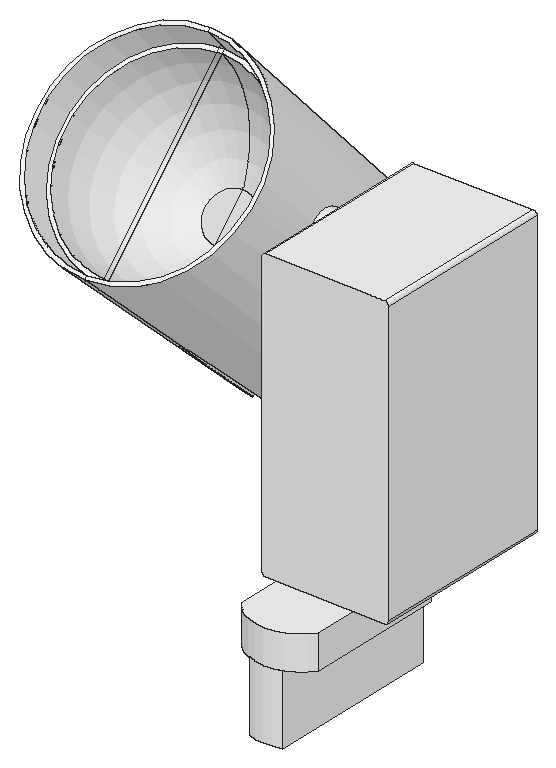
Revit family "0004862 Feilo Sylvania Lighting Fixture START TRACK SPOT S 24W 3K RA90 NB WHITE", category Lighting Fixtures, host Face, Revit 2017
Family settings
  Host = Face
  Round Connector Dimension = Use Diameter
  Part Type = Normal
  OmniClass Number = 23.80.70.00
  OmniClass Title = Lighting
  Cut with Voids When Loaded = No
  Light Source = No
  Shared = No
  Room Calculation Point = No
Parameters (values of type "0004862 START TRACK SPOT S 24W 3K RA90 NB WHITE")
  Weight = "0.966 kg"
  Wattage Comments = ""
  WarrantyStartDate [instance] = "n/a"
  WarrantyGuarantorParts = "n/a"
  WarrantyDurationUnit = "n/a"
  WarrantyDurationParts = "n/a"
  WarrantyDescription = "n/a"
  Voltage = 230 V
  URL = "http://www.sylvania-lighting.com"
  TypeName = "START TRACK SPOT S 24W 3K RA90 NB WHITE"
  TypeHead_FEILO = Start Track Spot Head : 0004862 START TRACK SPOT S 24W 3K RA90 NB WHITE
  TypeBox_FEILO = Start Track Spot Box : Type Small White
  Type Image = <None>
  Type Comments = "n/a"
  VerticalRotation_FEILO [instance] = 0.00°
  SlideEndAngle_FEILO [instance] = VerticalRotation_FEILO + 180.00°  # 180.00°
  SerialNumber [instance] = "n/a"
  Material_3_FEILO = none
  PowerFactor = 0.95
  PowerConsumption = "24 W"
  NominalLength = 0 mm
  NominalHeight = 200 mm
  NominalDepth = 140 mm
  Name = "START TRACK SPOT S 24W 3K RA90 NB WHITE"
  ModelReference = Name  # "START TRACK SPOT S 24W 3K RA90 NB WHITE"
  ModelNumber = "0004862"
  Model = Name  # "START TRACK SPOT S 24W 3K RA90 NB WHITE"
  Material = "adc12 aluminium housing, polycarbonate diffuser"
  ManufacturerName = "Feilo Sylvania"
  Manufacturer = "Feilo Sylvania"
  LuminousEfficacy = "83 lm/W"
  LuminaireType = ""
  LightOutputRatio = "100"
  LampsType = Lamp  # "LED"
  LampNominalLuminous = "1987 lm"
  LampMacAdamStep = "3"
  LampColourTemperature = "3000 K"
  LampColourRenderingIndex = "90"
  Lamp = "LED"
  Keynote = "16500"
  InstallationDate [instance] = "n/a"
  InputVoltage = "230-240V~"
  InputNominalFrequency = "50/60 Hz"
  IngressProtection = "IP20"
  ImpactProtectionIndex = "IK02"
  IfcExportType = "IfcLightFixtureType"
  IfcExportAs = "IfcLightFixtureType"
  HorizontalRotation_FEILO [instance] = 45.00°
  ExpectedLife = 50000
  ElectricShockClassification = "Class II"
  DurationUnit = "hours"
  DocumentationLiterature = "http://www.sylvania-lighting.com/product/en-int/products/0004862"
  DimmingControlOptions = "Non dimmable"
  Material_2_FEILO = none
  Description = "Integrated LED spotlight, Textured White - RAL9016, compact and minimalist design, ideal for retail applications, die-cast aluminium body, passive cooling heatsink. Beam angle: 12°, color temperature: 3000K , total system power: 24W, total fixture output: 1987 lm, LOR: 100%, colour rendering: Ra: 90 typical, LED Chromaticity: 3 step MacAdam ellipse, lifetime: >50000 hours at L70B50, energy class: A++, A+, A, IR/UV free light source without heat radiation, operating voltage: 220-240V / 50-60Hz, drive current: 600mA, electronic driver, non-dimmable, power factor: 0.95, electrical protection: Class II, Global Track 3 Phase adapter suitable for Global trac 3-circuit tracks, ingress protection rating: IP20, suitable for internal environment only, horizontal rotation: 355°, vertical tilt: 90°, dimensions: Ø86x140x200, weight: 0.966kg."
  Default Elevation = 1219.2 mm
  CreatedOn = "12/12/2017"
  CreatedBy = ""
  Cost = 0
  built-in parameter 1114216 [instance] = (empty or 0)
  ClassificationValue = "EF_70_80"
  ClassificationName = "Uniclass2015"
  Material_1_FEILO = Body-Sylvania-StartTrackSpot-White
  BarCode [instance] = "n/a"
  AssetType = "Fixed"
  AssetIdentifier [instance] = "n/a"
  Assembly Code = "D5020200"
  Apparent Load = 24 VA
  Material_4_FEILO = none
Reference planes
  plane 1 "Center (Front/Back)": y = 0
  plane 2: z = 0
  plane 3 "Center (Left/Right)": x = 0
  plane 4: x = 15
  plane 5: x = -15
  plane 6: y = 35
  plane 7: y = -35
  plane 8: z = 13
  plane 9: z = -27
  plane 10: x = 6.5
  plane 11: x = -6.5
  plane 12: y = 27
  plane 13: y = -27
  plane 14: y = 20
Forms (mm)
  Extrusion 1, solid, material "Body-Sylvania-StartTrackSpot-White" <- "Material_1_FEILO"
    sketch origin (0, 0, 0) x (1, 0, 0) y (0, 1, 0)
      loop
        line (-15, 27) -> (-15, -27)
        arc (-15, -27) -> (0, -35) -> (15, -27) r 18.062
        line (15, -27) -> (15, 27)
        arc (15, 27) -> (0, 35) -> (-15, 27) r 18.062
    from 0 to 13
  Extrusion 2, solid, material "Body-Sylvania-StartTrackSpot-White" <- "Material_1_FEILO"
    sketch origin (0, 0, 0) x (1, 0, 0) y (0, 1, 0)
      loop
        arc (6.5, 33.79) -> (0, 35) -> (-6.5, 33.79) r 18.062
        line (-6.5, 33.79) -> (-6.5, -33.79)
        arc (-6.5, -33.79) -> (0, -35) -> (6.5, -33.79) r 18.062
        line (6.5, -33.79) -> (6.5, 33.79)
    from 0 to -27
  Revolve 3, solid, not visible
    sketch origin (1524, 20, 1219.2) x (1, 0, 0) y (0, 0, 1)
      loop
        line (-1524, -1206.2) -> (-1524, -1191.285) -> (-1530.5, -1191.285) -> (-1530.5, -1206.2) -> (-1524, -1206.2)
      axis (-1524, -1191.285) -> (-1524, -1206.2)
    angle from 0 <- "VerticalRotation_FEILO" to 180 <- "SlideEndAngle_FEILO"
Cuts and joins
  joined: Extrusion 1, Extrusion 2
Dimensions and locks
  equal spacing: plane 10, plane 3 "Center (Left/Right)", plane 11
  equal spacing: plane 4, plane 3 "Center (Left/Right)", plane 5
  locked: plane 8 to plane 2 at 13
  locked: plane 8 to plane 9 at 40
  equal spacing: plane 13, plane 1 "Center (Front/Back)", plane 12
  locked: plane 12 to plane 6 at 8
  locked: plane 14 to plane 6 at 15
  locked: Revolve 3 sketch curve to plane 8 at 14.915
  aligned and locked: plane 2 to host face
  aligned and locked: level to host face
  aligned and locked: plane 5 to Extrusion 1 sketch curve  (x2)
  aligned and locked: plane 12 to Extrusion 1 sketch curve
  aligned and locked: plane 13 to Extrusion 1 sketch curve
  aligned and locked: plane 4 to Extrusion 1 sketch curve
  aligned and locked: Extrusion 1 to plane 8
  aligned and locked: Extrusion 1 to level
  aligned and locked: Extrusion 2 sketch curve to Extrusion 1  (x2)
  aligned and locked: Extrusion 2 sketch curve to plane 11
  aligned and locked: plane 10 to Extrusion 2 sketch curve
  aligned and locked: plane 9 to Extrusion 2
  aligned and locked: level to Extrusion 2
  aligned and locked: Revolve 3 sketch curve to plane 3 "Center (Left/Right)"  (x2)
  aligned and locked: plane 11 to Revolve 3 sketch curve
  aligned and locked: Revolve 3 sketch curve to plane 8
Automatic sketch dimensions
  host sketch curve to host sketch curve = 2438.4 mm  (x2)
  Extrusion 1 sketch curve to plane 3 "Center (Left/Right)" = 0 mm  (x2)
  Extrusion 1 sketch curve to plane 13 = 10.062 mm
  plane 12 to Extrusion 1 sketch curve = 10.062 mm
  Revolve 3 sketch curve to plane 3 "Center (Left/Right)" = 0 mm
  plane 9 to Revolve 3 sketch curve = 582.6 mm
  Revolve 3 sketch curve to Revolve 3 sketch curve = 2581.144 mm
Nested families
  nested 1: "Start Track Spot Head" at (-62, 20, 112.529) x (0, 0.7071, 0.7071) z (0, 0.7071, -0.7071), type <- "TypeHead_FEILO", type "0004862 START TRACK SPOT S 24W 3K RA90 NB WHITE"
    with built-in parameter 1114216 (empty or 0)
  nested 2: "Start Track Spot Box" at (8.5, 20, 73) x (-1, 0, 0) z (0, -1, 0), BoxStartAngle_FEILO <- "HorizontalRotation_FEILO", type <- "TypeBox_FEILO", type "Type Small White"
    with BoxStartAngle_FEILO 45.00°, BoxEndAngle_FEILO -135.00°
Connectors
  electrical at (0, 0, 0), driven by "Apparent Load", driven by "PowerFactor", driven by "Voltage"
    settings: index 1, voltage 230 V, apparent load 24 VA, apparent load phase1 0 VA, apparent load phase2 0 VA, apparent load phase3 0 VA, power factor 0.95, load classification "Lighting", number of poles 1, system type 30, power factor state 1, is connector primary yes, connector utility no, sub classification motor no, connector description ""
Definition of nested family "Start Track Spot Head"
  Parameters (values of type "0004811 START TRACK SPOT S 14W 3K RA80 NB WHITE")
    Wattage Comments = "n/a"
    Wattage = 14 W
    built-in parameter 1150110 = 1 (stored number, unit not read)
    URL = "http://www.feilosylvania.com"
    Type Image = (empty or 0)
    Type Comments = "n/a"
    built-in parameter 1114217 = 1 (stored number, unit not read)
    Tilt Angle = -90.00°
    built-in parameter 1150109 = 1 (stored number, unit not read)
    built-in parameter 1150134 = (empty or 0)
    built-in parameter 1150113 = 1 (stored number, unit not read)
    Photometric Web File = "0004811.ies"
    Material_3_FEILO = none
    Model = "START TRACK SPOT S 14W 3K RA80 NB WHITE"
    Manufacturer = "Feilo Sylvania"
    built-in parameter 1150105 = 123.66 (stored number, unit not read)
    Lumens = 1554 lm
    built-in parameter 1150115 = 1 (stored number, unit not read)
    built-in parameter 1150137 = (empty or 0)
    built-in parameter 1150139 = (empty or 0)
    built-in parameter 1150112 = 1 (stored number, unit not read)
    built-in parameter 1150114 = 1 (stored number, unit not read)
    Lamp = "LED"
    Keynote = "16500"
    Material_2_FEILO = none
    built-in parameter 1150132 = (empty or 0)
    built-in parameter 1150102 = (empty or 0)
    built-in parameter 1150107 = 3000 (stored number, unit not read)
    built-in parameter 1150138 = (empty or 0)
    built-in parameter 1150106 = 1.2366 (stored number, unit not read)
    HeadThickness_FEILO = if(HeadDiaOut_FEILO > 112 mm, 2 mm, 1.5 mm)  # 1.5 mm
    HeadRibOffset_FEILO = HeadHeight_FEILO / 28  # 4.179 mm
    HeadRibDepth_FEILO = HeadHeight_FEILO / 2.1  # 55.714 mm
    HeadRibCutWidth_FEILO = HeadDiaOut_FEILO / 12  # 7.167 mm
    HeadRibCutOffset_FEILO = HeadHeight_FEILO / 2.3  # 50.87 mm
    HeadReflectorRadius_FEILO = HeadDiaOut_FEILO / 1.7  # 50.588 mm
    HeadReflectorOffset_FEILO = HeadHeight_FEILO / 2.1  # 55.714 mm
    HeadLEDRadius_FEILO = HeadDiaOut_FEILO / 9  # 9.556 mm
    HeadHeight_FEILO = 117 mm
    HeadDraft_FEILO = 1 mm
    HeadDiffusorThickness_FEILO = 3 mm
    HeadDiffusorOffset_FEILO = HeadHeight_FEILO / 12.4  # 9.435 mm
    HeadDiaOut_FEILO = 86 mm
    HeadDiaIn_FEILO = HeadDiaOut_FEILO / 1.11  # 77.477 mm
    HeadAxisFromTop_FEILO = HeadHeight_FEILO / 1.687  # 69.354 mm
    Emit from Circle Diameter = HeadDiaIn_FEILO  # 77.477 mm
    Emit Shape Visible in Rendering = no
    built-in parameter 1150104 = 10.312 (stored number, unit not read)
    Dimming Lamp Color Temperature Shift = (empty or 0)
    Description = "Integrated LED spotlight, Textured White - RAL9016, compact and minimalist design, ideal for retail applications, die-cast aluminium body, passive cooling heatsink. Beam angle: 12°, color temperature: 3000K , total system power: 14W, total fixture output: 1551 lm, LOR: 100%, colour rendering: Ra: 80 typical, LED Chromaticity: 3 step MacAdam ellipse, lifetime: >50000 hours at L70B50, energy class: A++, A+, A, IR/UV free light source without heat radiation, operating voltage: 220-240V / 50-60Hz, drive current: 350mA, electronic driver, non-dimmable, power factor: 0.92, electrical protection: Class II, Global Track 3 Phase adapter suitable for Global trac 3-circuit tracks, ingress protection rating: IP20, suitable for internal environment only, horizontal rotation: 355°, vertical tilt: 90°, dimensions: Ø86x140x200, weight: 0.940kg."
    Default Elevation = 1219.2 mm
    Cost = 0
    Color Filter = 16777215
    built-in parameter 1114216 [instance] = (empty or 0)
    Material_1_FEILO = none
    built-in parameter 1114218 = 1 (stored number, unit not read)
    built-in parameter 1150133 = 10 (stored number, unit not read)
    Assembly Code = "D5020200"
    Apparent Load = 14 VA
    Material_4_FEILO = none
  Types (96, lengths in mm): name | Wattage | built-in parameter 1150134 | Photometric Web File | Model | built-in parameter 1150105 | Lumens | built-in parameter 1150107 | built-in parameter 1150106 | HeadThickness_FEILO | HeadRibOffset_FEILO | HeadRibDepth_FEILO | HeadRibCutWidth_FEILO | HeadRibCutOffset_FEILO | HeadReflectorRadius_FEILO | HeadReflectorOffset_FEILO | HeadLEDRadius_FEILO | HeadHeight_FEILO | HeadDiffusorOffset_FEILO | HeadDiaOut_FEILO | HeadDiaIn_FEILO | HeadAxisFromTop_FEILO | Emit from Circle Diameter | built-in parameter 1150104 | Description | Apparent Load
    0004906 START TRACK SPOT L 55W 4K RA90 WB BLACK | 55 W | 12 | "0004906.ies" | "START TRACK SPOT L 55W 4K RA90 WB BLACK" | 385.15 (stored number, unit not read) | 4840 lm | 4000 (stored number, unit not read) | 3.8515 (stored number, unit not read) | 2 | 4.429 | 59.048 | 9.417 | 53.913 | 66.471 | 59.048 | 12.556 | 124 | 10 | 113 | 101.802 | 73.503 | 101.802 | 8.1755 (stored number, unit not read) | "Integrated LED spotlight, Textured Black - RAL9005, compact and minimalist design, ideal for retail applications, die-cast aluminium body, passive cooling heatsink. Beam angle: 52°, color temperature: 4000K , total system power: 55W, total fixture output: 4824 lm, LOR: 100%, colour rendering: Ra: 90 typical, LED Chromaticity: 3 step MacAdam ellipse, lifetime: >50000 hours at L70B50, energy class: A++, A+, A, IR/UV free light source without heat radiation, operating voltage: 220-240V / 50-60Hz, drive current: 1400mA, electronic driver, non-dimmable, power factor: 0.96, electrical protection: Class II, Global Track 3 Phase adapter suitable for Global trac 3-circuit tracks, ingress protection rating: IP20, suitable for internal environment only, horizontal rotation: 355°, vertical tilt: 90°, dimensions: Ø113x164x240, weight: 1.398kg." | 55 VA
    0004905 START TRACK SPOT L 55W 4K RA90 MB BLACK | 55 W | 12 | "0004905.ies" | "START TRACK SPOT L 55W 4K RA90 MB BLACK" | 389.53 (stored number, unit not read) | 4895 lm | 4000 (stored number, unit not read) | 3.8953 (stored number, unit not read) | 2 | 4.429 | 59.048 | 9.417 | 53.913 | 66.471 | 59.048 | 12.556 | 124 | 10 | 113 | 101.802 | 73.503 | 101.802 | 8.2684 (stored number, unit not read) | "Integrated LED spotlight, Textured Black - RAL9005, compact and minimalist design, ideal for retail applications, die-cast aluminium body, passive cooling heatsink. Beam angle: 38°, color temperature: 4000K , total system power: 55W, total fixture output: 4897 lm, LOR: 100%, colour rendering: Ra: 90 typical, LED Chromaticity: 3 step MacAdam ellipse, lifetime: >50000 hours at L70B50, energy class: A++, A+, A, IR/UV free light source without heat radiation, operating voltage: 220-240V / 50-60Hz, drive current: 1400mA, electronic driver, non-dimmable, power factor: 0.96, electrical protection: Class II, Global Track 3 Phase adapter suitable for Global trac 3-circuit tracks, ingress protection rating: IP20, suitable for internal environment only, horizontal rotation: 355°, vertical tilt: 90°, dimensions: Ø113x164x240, weight: 1.398kg." | 55 VA
    0004904 START TRACK SPOT L 55W 4K RA90 NB BLACK | 55 W | 12 | "0004904.ies" | "START TRACK SPOT L 55W 4K RA90 NB BLACK" | 393.91 (stored number, unit not read) | 4950 lm | 4000 (stored number, unit not read) | 3.9391 (stored number, unit not read) | 2 | 4.429 | 59.048 | 9.417 | 53.913 | 66.471 | 59.048 | 12.556 | 124 | 10 | 113 | 101.802 | 73.503 | 101.802 | 8.3613 (stored number, unit not read) | "Integrated LED spotlight, Textured Black - RAL9005, compact and minimalist design, ideal for retail applications, die-cast aluminium body, passive cooling heatsink. Beam angle: 15°, color temperature: 4000K , total system power: 55W, total fixture output: 4965 lm, LOR: 100%, colour rendering: Ra: 90 typical, LED Chromaticity: 3 step MacAdam ellipse, lifetime: >50000 hours at L70B50, energy class: A++, A+, A, IR/UV free light source without heat radiation, operating voltage: 220-240V / 50-60Hz, drive current: 1400mA, electronic driver, non-dimmable, power factor: 0.96, electrical protection: Class II, Global Track 3 Phase adapter suitable for Global trac 3-circuit tracks, ingress protection rating: IP20, suitable for internal environment only, horizontal rotation: 355°, vertical tilt: 90°, dimensions: Ø113x164x240, weight: 1.398kg." | 55 VA
    0004903 START TRACK SPOT L 35W 4K RA90 WB BLACK | 35 W | 12 | "0004903.ies" | "START TRACK SPOT L 35W 4K RA90 WB BLACK" | 284.09 (stored number, unit not read) | 3570 lm | 4000 (stored number, unit not read) | 2.8409 (stored number, unit not read) | 2 | 4.429 | 59.048 | 9.417 | 53.913 | 66.471 | 59.048 | 12.556 | 124 | 10 | 113 | 101.802 | 73.503 | 101.802 | 9.4761 (stored number, unit not read) | "Integrated LED spotlight, Textured Black - RAL9005, compact and minimalist design, ideal for retail applications, die-cast aluminium body, passive cooling heatsink. Beam angle: 52°, color temperature: 4000K , total system power: 35W, total fixture output: 3562 lm, LOR: 100%, colour rendering: Ra: 90 typical, LED Chromaticity: 3 step MacAdam ellipse, lifetime: >50000 hours at L70B50, energy class: A++, A+, A, IR/UV free light source without heat radiation, operating voltage: 220-240V / 50-60Hz, drive current: 900mA, electronic driver, non-dimmable, power factor: 0.93, electrical protection: Class II, Global Track 3 Phase adapter suitable for Global trac 3-circuit tracks, ingress protection rating: IP20, suitable for internal environment only, horizontal rotation: 355°, vertical tilt: 90°, dimensions: Ø113x164x240, weight: 1.368kg." | 35 VA
    0004902 START TRACK SPOT L 35W 4K RA90 MB BLACK | 35 W | 12 | "0004902.ies" | "START TRACK SPOT L 35W 4K RA90 MB BLACK" | 286.88 (stored number, unit not read) | 3605 lm | 4000 (stored number, unit not read) | 2.8688 (stored number, unit not read) | 2 | 4.429 | 59.048 | 9.417 | 53.913 | 66.471 | 59.048 | 12.556 | 124 | 10 | 113 | 101.802 | 73.503 | 101.802 | 9.569 (stored number, unit not read) | "Integrated LED spotlight, Textured Black - RAL9005, compact and minimalist design, ideal for retail applications, die-cast aluminium body, passive cooling heatsink. Beam angle: 38°, color temperature: 4000K , total system power: 35W, total fixture output: 3616 lm, LOR: 100%, colour rendering: Ra: 90 typical, LED Chromaticity: 3 step MacAdam ellipse, lifetime: >50000 hours at L70B50, energy class: A++, A+, A, IR/UV free light source without heat radiation, operating voltage: 220-240V / 50-60Hz, drive current: 900mA, electronic driver, non-dimmable, power factor: 0.93, electrical protection: Class II, Global Track 3 Phase adapter suitable for Global trac 3-circuit tracks, ingress protection rating: IP20, suitable for internal environment only, horizontal rotation: 355°, vertical tilt: 90°, dimensions: Ø113x164x240, weight: 1.368kg." | 35 VA
    0004901 START TRACK SPOT L 35W 4K RA90 NB BLACK | 35 W | 12 | "0004901.ies" | "START TRACK SPOT L 35W 4K RA90 NB BLACK" | 286.88 (stored number, unit not read) | 3605 lm | 4000 (stored number, unit not read) | 2.8688 (stored number, unit not read) | 2 | 4.429 | 59.048 | 9.417 | 53.913 | 66.471 | 59.048 | 12.556 | 124 | 10 | 113 | 101.802 | 73.503 | 101.802 | 9.569 (stored number, unit not read) | "Integrated LED spotlight, Textured Black - RAL9005, compact and minimalist design, ideal for retail applications, die-cast aluminium body, passive cooling heatsink. Beam angle: 15°, color temperature: 4000K , total system power: 35W, total fixture output: 3593 lm, LOR: 100%, colour rendering: Ra: 90 typical, LED Chromaticity: 3 step MacAdam ellipse, lifetime: >50000 hours at L70B50, energy class: A++, A+, A, IR/UV free light source without heat radiation, operating voltage: 220-240V / 50-60Hz, drive current: 900mA, electronic driver, non-dimmable, power factor: 0.93, electrical protection: Class II, Global Track 3 Phase adapter suitable for Global trac 3-circuit tracks, ingress protection rating: IP20, suitable for internal environment only, horizontal rotation: 355°, vertical tilt: 90°, dimensions: Ø113x164x240, weight: 1.368kg." | 35 VA
    0004900 START TRACK SPOT S 24W 4K RA90 WB BLACK | 24 W | 12 | "0004900.ies" | "START TRACK SPOT S 24W 4K RA90 WB BLACK" | 166.16 (stored number, unit not read) | 2088 lm | 4000 (stored number, unit not read) | 1.6616 (stored number, unit not read) | 1.5 | 4.179 | 55.714 | 7.167 | 50.87 | 50.588 | 55.714 | 9.556 | 117 | 9.435 | 86 | 77.477 | 69.354 | 77.477 | 8.0826 (stored number, unit not read) | "Integrated LED spotlight, Textured Black - RAL9005, compact and minimalist design, ideal for retail applications, die-cast aluminium body, passive cooling heatsink. Beam angle: 64°, color temperature: 4000K , total system power: 24W, total fixture output: 2087 lm, LOR: 100%, colour rendering: Ra: 90 typical, LED Chromaticity: 3 step MacAdam ellipse, lifetime: >50000 hours at L70B50, energy class: A++, A+, A, IR/UV free light source without heat radiation, operating voltage: 220-240V / 50-60Hz, drive current: 600mA, electronic driver, non-dimmable, power factor: 0.95, electrical protection: Class II, Global Track 3 Phase adapter suitable for Global trac 3-circuit tracks, ingress protection rating: IP20, suitable for internal environment only, horizontal rotation: 355°, vertical tilt: 90°, dimensions: Ø86x140x200, weight: 0.966kg." | 24 VA
    0004899 START TRACK SPOT S 24W 4K RA90 MB BLACK | 24 W | 12 | "0004899.ies" | "START TRACK SPOT S 24W 4K RA90 MB BLACK" | 169.98 (stored number, unit not read) | 2136 lm | 4000 (stored number, unit not read) | 1.6998 (stored number, unit not read) | 1.5 | 4.179 | 55.714 | 7.167 | 50.87 | 50.588 | 55.714 | 9.556 | 117 | 9.435 | 86 | 77.477 | 69.354 | 77.477 | 8.2684 (stored number, unit not read) | "Integrated LED spotlight, Textured Black - RAL9005, compact and minimalist design, ideal for retail applications, die-cast aluminium body, passive cooling heatsink. Beam angle: 36°, color temperature: 4000K , total system power: 24W, total fixture output: 2141 lm, LOR: 100%, colour rendering: Ra: 90 typical, LED Chromaticity: 3 step MacAdam ellipse, lifetime: >50000 hours at L70B50, energy class: A++, A+, A, IR/UV free light source without heat radiation, operating voltage: 220-240V / 50-60Hz, drive current: 600mA, electronic driver, non-dimmable, power factor: 0.95, electrical protection: Class II, Global Track 3 Phase adapter suitable for Global trac 3-circuit tracks, ingress protection rating: IP20, suitable for internal environment only, horizontal rotation: 355°, vertical tilt: 90°, dimensions: Ø86x140x200, weight: 0.966kg." | 24 VA
    0004898 START TRACK SPOT S 24W 4K RA90 NB BLACK | 24 W | 12 | "0004898.ies" | "START TRACK SPOT S 24W 4K RA90 NB BLACK" | 171.89 (stored number, unit not read) | 2160 lm | 4000 (stored number, unit not read) | 1.7189 (stored number, unit not read) | 1.5 | 4.179 | 55.714 | 7.167 | 50.87 | 50.588 | 55.714 | 9.556 | 117 | 9.435 | 86 | 77.477 | 69.354 | 77.477 | 8.3613 (stored number, unit not read) | "Integrated LED spotlight, Textured Black - RAL9005, compact and minimalist design, ideal for retail applications, die-cast aluminium body, passive cooling heatsink. Beam angle: 12°, color temperature: 4000K , total system power: 24W, total fixture output: 2155 lm, LOR: 100%, colour rendering: Ra: 90 typical, LED Chromaticity: 3 step MacAdam ellipse, lifetime: >50000 hours at L70B50, energy class: A++, A+, A, IR/UV free light source without heat radiation, operating voltage: 220-240V / 50-60Hz, drive current: 600mA, electronic driver, non-dimmable, power factor: 0.95, electrical protection: Class II, Global Track 3 Phase adapter suitable for Global trac 3-circuit tracks, ingress protection rating: IP20, suitable for internal environment only, horizontal rotation: 355°, vertical tilt: 90°, dimensions: Ø86x140x200, weight: 0.966kg." | 24 VA
    0004897 START TRACK SPOT S 14W 4K RA90 WB BLACK | 14 W | 12 | "0004897.ies" | "START TRACK SPOT S 14W 4K RA90 WB BLACK" | 108.07 (stored number, unit not read) | 1358 lm | 4000 (stored number, unit not read) | 1.0807 (stored number, unit not read) | 1.5 | 4.179 | 55.714 | 7.167 | 50.87 | 50.588 | 55.714 | 9.556 | 117 | 9.435 | 86 | 77.477 | 69.354 | 77.477 | 9.0116 (stored number, unit not read) | "Integrated LED spotlight, Textured Black - RAL9005, compact and minimalist design, ideal for retail applications, die-cast aluminium body, passive cooling heatsink. Beam angle: 64°, color temperature: 4000K , total system power: 14W, total fixture output: 1352 lm, LOR: 100%, colour rendering: Ra: 90 typical, LED Chromaticity: 3 step MacAdam ellipse, lifetime: >50000 hours at L70B50, energy class: A++, A+, A, IR/UV free light source without heat radiation, operating voltage: 220-240V / 50-60Hz, drive current: 350mA, electronic driver, non-dimmable, power factor: 0.92, electrical protection: Class II, Global Track 3 Phase adapter suitable for Global trac 3-circuit tracks, ingress protection rating: IP20, suitable for internal environment only, horizontal rotation: 355°, vertical tilt: 90°, dimensions: Ø86x140x200, weight: 0.940kg." | 14 VA
    0004896 START TRACK SPOT S 14W 4K RA90 MB BLACK | 14 W | 12 | "0004896.ies" | "START TRACK SPOT S 14W 4K RA90 MB BLACK" | 108.07 (stored number, unit not read) | 1358 lm | 4000 (stored number, unit not read) | 1.0807 (stored number, unit not read) | 1.5 | 4.179 | 55.714 | 7.167 | 50.87 | 50.588 | 55.714 | 9.556 | 117 | 9.435 | 86 | 77.477 | 69.354 | 77.477 | 9.0116 (stored number, unit not read) | "Integrated LED spotlight, Textured Black - RAL9005, compact and minimalist design, ideal for retail applications, die-cast aluminium body, passive cooling heatsink. Beam angle: 36°, color temperature: 4000K , total system power: 14W, total fixture output: 1359 lm, LOR: 100%, colour rendering: Ra: 90 typical, LED Chromaticity: 3 step MacAdam ellipse, lifetime: >50000 hours at L70B50, energy class: A++, A+, A, IR/UV free light source without heat radiation, operating voltage: 220-240V / 50-60Hz, drive current: 350mA, electronic driver, non-dimmable, power factor: 0.92, electrical protection: Class II, Global Track 3 Phase adapter suitable for Global trac 3-circuit tracks, ingress protection rating: IP20, suitable for internal environment only, horizontal rotation: 355°, vertical tilt: 90°, dimensions: Ø86x140x200, weight: 0.940kg." | 14 VA
    0004895 START TRACK SPOT S 14W 4K RA90 NB BLACK | 14 W | 12 | "0004895.ies" | "START TRACK SPOT S 14W 4K RA90 NB BLACK" | 106.95 (stored number, unit not read) | 1344 lm | 4000 (stored number, unit not read) | 1.0695 (stored number, unit not read) | 1.5 | 4.179 | 55.714 | 7.167 | 50.87 | 50.588 | 55.714 | 9.556 | 117 | 9.435 | 86 | 77.477 | 69.354 | 77.477 | 8.9187 (stored number, unit not read) | "Integrated LED spotlight, Textured Black - RAL9005, compact and minimalist design, ideal for retail applications, die-cast aluminium body, passive cooling heatsink. Beam angle: 12°, color temperature: 4000K , total system power: 14W, total fixture output: 1349 lm, LOR: 100%, colour rendering: Ra: 90 typical, LED Chromaticity: 3 step MacAdam ellipse, lifetime: >50000 hours at L70B50, energy class: A++, A+, A, IR/UV free light source without heat radiation, operating voltage: 220-240V / 50-60Hz, drive current: 350mA, electronic driver, non-dimmable, power factor: 0.92, electrical protection: Class II, Global Track 3 Phase adapter suitable for Global trac 3-circuit tracks, ingress protection rating: IP20, suitable for internal environment only, horizontal rotation: 355°, vertical tilt: 90°, dimensions: Ø86x140x200, weight: 0.940kg." | 14 VA
    0004894 START TRACK SPOT L 55W 3K RA90 WB BLACK | 55 W | (empty or 0) | "0004894.ies" | "START TRACK SPOT L 55W 3K RA90 WB BLACK" | 350.14 (stored number, unit not read) | 4400 lm | 3000 (stored number, unit not read) | 3.5014 (stored number, unit not read) | 2 | 4.429 | 59.048 | 9.417 | 53.913 | 66.471 | 59.048 | 12.556 | 124 | 10 | 113 | 101.802 | 73.503 | 101.802 | 7.4322 (stored number, unit not read) | "Integrated LED spotlight, Textured Black - RAL9005, compact and minimalist design, ideal for retail applications, die-cast aluminium body, passive cooling heatsink. Beam angle: 52°, color temperature: 3000K , total system power: 55W, total fixture output: 4405 lm, LOR: 100%, colour rendering: Ra: 90 typical, LED Chromaticity: 3 step MacAdam ellipse, lifetime: >50000 hours at L70B50, energy class: A++, A+, A, IR/UV free light source without heat radiation, operating voltage: 220-240V / 50-60Hz, drive current: 1400mA, electronic driver, non-dimmable, power factor: 0.96, electrical protection: Class II, Global Track 3 Phase adapter suitable for Global trac 3-circuit tracks, ingress protection rating: IP20, suitable for internal environment only, horizontal rotation: 355°, vertical tilt: 90°, dimensions: Ø113x164x240, weight: 1.398kg." | 55 VA
    0004893 START TRACK SPOT L 55W 3K RA90 MB BLACK | 55 W | (empty or 0) | "0004893.ies" | "START TRACK SPOT L 55W 3K RA90 MB BLACK" | 354.52 (stored number, unit not read) | 4455 lm | 3000 (stored number, unit not read) | 3.5452 (stored number, unit not read) | 2 | 4.429 | 59.048 | 9.417 | 53.913 | 66.471 | 59.048 | 12.556 | 124 | 10 | 113 | 101.802 | 73.503 | 101.802 | 7.5251 (stored number, unit not read) | "Integrated LED spotlight, Textured Black - RAL9005, compact and minimalist design, ideal for retail applications, die-cast aluminium body, passive cooling heatsink. Beam angle: 38°, color temperature: 3000K , total system power: 55W, total fixture output: 4448 lm, LOR: 100%, colour rendering: Ra: 90 typical, LED Chromaticity: 3 step MacAdam ellipse, lifetime: >50000 hours at L70B50, energy class: A++, A+, A, IR/UV free light source without heat radiation, operating voltage: 220-240V / 50-60Hz, drive current: 1400mA, electronic driver, non-dimmable, power factor: 0.96, electrical protection: Class II, Global Track 3 Phase adapter suitable for Global trac 3-circuit tracks, ingress protection rating: IP20, suitable for internal environment only, horizontal rotation: 355°, vertical tilt: 90°, dimensions: Ø113x164x240, weight: 1.398kg." | 55 VA
    0004892 START TRACK SPOT L 55W 3K RA90 NB BLACK | 55 W | (empty or 0) | "0004892.ies" | "START TRACK SPOT L 55W 3K RA90 NB BLACK" | 350.14 (stored number, unit not read) | 4400 lm | 3000 (stored number, unit not read) | 3.5014 (stored number, unit not read) | 2 | 4.429 | 59.048 | 9.417 | 53.913 | 66.471 | 59.048 | 12.556 | 124 | 10 | 113 | 101.802 | 73.503 | 101.802 | 7.4322 (stored number, unit not read) | "Integrated LED spotlight, Textured Black - RAL9005, compact and minimalist design, ideal for retail applications, die-cast aluminium body, passive cooling heatsink. Beam angle: 15°, color temperature: 3000K , total system power: 55W, total fixture output: 4416 lm, LOR: 100%, colour rendering: Ra: 90 typical, LED Chromaticity: 3 step MacAdam ellipse, lifetime: >50000 hours at L70B50, energy class: A++, A+, A, IR/UV free light source without heat radiation, operating voltage: 220-240V / 50-60Hz, drive current: 1400mA, electronic driver, non-dimmable, power factor: 0.96, electrical protection: Class II, Global Track 3 Phase adapter suitable for Global trac 3-circuit tracks, ingress protection rating: IP20, suitable for internal environment only, horizontal rotation: 355°, vertical tilt: 90°, dimensions: Ø113x164x240, weight: 1.398kg." | 55 VA
    0004891 START TRACK SPOT L 35W 3K RA90 WB BLACK | 35 W | (empty or 0) | "0004891.ies" | "START TRACK SPOT L 35W 3K RA90 WB BLACK" | 259.02 (stored number, unit not read) | 3255 lm | 3000 (stored number, unit not read) | 2.5902 (stored number, unit not read) | 2 | 4.429 | 59.048 | 9.417 | 53.913 | 66.471 | 59.048 | 12.556 | 124 | 10 | 113 | 101.802 | 73.503 | 101.802 | 8.64 (stored number, unit not read) | "Integrated LED spotlight, Textured Black - RAL9005, compact and minimalist design, ideal for retail applications, die-cast aluminium body, passive cooling heatsink. Beam angle: 52°, color temperature: 3000K , total system power: 35W, total fixture output: 3260 lm, LOR: 100%, colour rendering: Ra: 90 typical, LED Chromaticity: 3 step MacAdam ellipse, lifetime: >50000 hours at L70B50, energy class: A++, A+, A, IR/UV free light source without heat radiation, operating voltage: 220-240V / 50-60Hz, drive current: 900mA, electronic driver, non-dimmable, power factor: 0.93, electrical protection: Class II, Global Track 3 Phase adapter suitable for Global trac 3-circuit tracks, ingress protection rating: IP20, suitable for internal environment only, horizontal rotation: 355°, vertical tilt: 90°, dimensions: Ø113x164x240, weight: 1.368kg." | 35 VA
    0004890 START TRACK SPOT L 35W 3K RA90 MB BLACK | 35 W | (empty or 0) | "0004890.ies" | "START TRACK SPOT L 35W 3K RA90 MB BLACK" | 261.81 (stored number, unit not read) | 3290 lm | 3000 (stored number, unit not read) | 2.6181 (stored number, unit not read) | 2 | 4.429 | 59.048 | 9.417 | 53.913 | 66.471 | 59.048 | 12.556 | 124 | 10 | 113 | 101.802 | 73.503 | 101.802 | 8.7329 (stored number, unit not read) | "Integrated LED spotlight, Textured Black - RAL9005, compact and minimalist design, ideal for retail applications, die-cast aluminium body, passive cooling heatsink. Beam angle: 38°, color temperature: 3000K , total system power: 35W, total fixture output: 3306 lm, LOR: 100%, colour rendering: Ra: 90 typical, LED Chromaticity: 3 step MacAdam ellipse, lifetime: >50000 hours at L70B50, energy class: A++, A+, A, IR/UV free light source without heat radiation, operating voltage: 220-240V / 50-60Hz, drive current: 900mA, electronic driver, non-dimmable, power factor: 0.93, electrical protection: Class II, Global Track 3 Phase adapter suitable for Global trac 3-circuit tracks, ingress protection rating: IP20, suitable for internal environment only, horizontal rotation: 355°, vertical tilt: 90°, dimensions: Ø113x164x240, weight: 1.368kg." | 35 VA
    0004889 START TRACK SPOT L 35W 3K RA90 NB BLACK | 35 W | (empty or 0) | "0004889.ies" | "START TRACK SPOT L 35W 3K RA90 NB BLACK" | 261.81 (stored number, unit not read) | 3290 lm | 3000 (stored number, unit not read) | 2.6181 (stored number, unit not read) | 2 | 4.429 | 59.048 | 9.417 | 53.913 | 66.471 | 59.048 | 12.556 | 124 | 10 | 113 | 101.802 | 73.503 | 101.802 | 8.7329 (stored number, unit not read) | "Integrated LED spotlight, Textured Black - RAL9005, compact and minimalist design, ideal for retail applications, die-cast aluminium body, passive cooling heatsink. Beam angle: 15°, color temperature: 3000K , total system power: 35W, total fixture output: 3287 lm, LOR: 100%, colour rendering: Ra: 90 typical, LED Chromaticity: 3 step MacAdam ellipse, lifetime: >50000 hours at L70B50, energy class: A++, A+, A, IR/UV free light source without heat radiation, operating voltage: 220-240V / 50-60Hz, drive current: 900mA, electronic driver, non-dimmable, power factor: 0.93, electrical protection: Class II, Global Track 3 Phase adapter suitable for Global trac 3-circuit tracks, ingress protection rating: IP20, suitable for internal environment only, horizontal rotation: 355°, vertical tilt: 90°, dimensions: Ø113x164x240, weight: 1.368kg." | 35 VA
    0004888 START TRACK SPOT S 24W 3K RA90 WB BLACK | 24 W | (empty or 0) | "0004888.ies" | "START TRACK SPOT S 24W 3K RA90 WB BLACK" | 152.79 (stored number, unit not read) | 1920 lm | 3000 (stored number, unit not read) | 1.5279 (stored number, unit not read) | 1.5 | 4.179 | 55.714 | 7.167 | 50.87 | 50.588 | 55.714 | 9.556 | 117 | 9.435 | 86 | 77.477 | 69.354 | 77.477 | 7.4322 (stored number, unit not read) | "Integrated LED spotlight, Textured Black - RAL9005, compact and minimalist design, ideal for retail applications, die-cast aluminium body, passive cooling heatsink. Beam angle: 64°, color temperature: 3000K , total system power: 24W, total fixture output: 1928 lm, LOR: 100%, colour rendering: Ra: 90 typical, LED Chromaticity: 3 step MacAdam ellipse, lifetime: >50000 hours at L70B50, energy class: A++, A+, A, IR/UV free light source without heat radiation, operating voltage: 220-240V / 50-60Hz, drive current: 600mA, electronic driver, non-dimmable, power factor: 0.95, electrical protection: Class II, Global Track 3 Phase adapter suitable for Global trac 3-circuit tracks, ingress protection rating: IP20, suitable for internal environment only, horizontal rotation: 355°, vertical tilt: 90°, dimensions: Ø86x140x200, weight: 0.966kg." | 24 VA
    0004887 START TRACK SPOT S 24W 3K RA90 MB BLACK | 24 W | (empty or 0) | "0004887.ies" | "START TRACK SPOT S 24W 3K RA90 MB BLACK" | 154.7 (stored number, unit not read) | 1944 lm | 3000 (stored number, unit not read) | 1.547 (stored number, unit not read) | 1.5 | 4.179 | 55.714 | 7.167 | 50.87 | 50.588 | 55.714 | 9.556 | 117 | 9.435 | 86 | 77.477 | 69.354 | 77.477 | 7.5251 (stored number, unit not read) | "Integrated LED spotlight, Textured Black - RAL9005, compact and minimalist design, ideal for retail applications, die-cast aluminium body, passive cooling heatsink. Beam angle: 36°, color temperature: 3000K , total system power: 24W, total fixture output: 1944 lm, LOR: 100%, colour rendering: Ra: 90 typical, LED Chromaticity: 3 step MacAdam ellipse, lifetime: >50000 hours at L70B50, energy class: A++, A+, A, IR/UV free light source without heat radiation, operating voltage: 220-240V / 50-60Hz, drive current: 600mA, electronic driver, non-dimmable, power factor: 0.95, electrical protection: Class II, Global Track 3 Phase adapter suitable for Global trac 3-circuit tracks, ingress protection rating: IP20, suitable for internal environment only, horizontal rotation: 355°, vertical tilt: 90°, dimensions: Ø86x140x200, weight: 0.966kg." | 24 VA
    0004886 START TRACK SPOT S 24W 3K RA90 NB BLACK | 24 W | (empty or 0) | "0004886.ies" | "START TRACK SPOT S 24W 3K RA90 NB BLACK" | 158.52 (stored number, unit not read) | 1992 lm | 3000 (stored number, unit not read) | 1.5852 (stored number, unit not read) | 1.5 | 4.179 | 55.714 | 7.167 | 50.87 | 50.588 | 55.714 | 9.556 | 117 | 9.435 | 86 | 77.477 | 69.354 | 77.477 | 7.711 (stored number, unit not read) | "Integrated LED spotlight, Textured Black - RAL9005, compact and minimalist design, ideal for retail applications, die-cast aluminium body, passive cooling heatsink. Beam angle: 12°, color temperature: 3000K , total system power: 24W, total fixture output: 1987 lm, LOR: 100%, colour rendering: Ra: 90 typical, LED Chromaticity: 3 step MacAdam ellipse, lifetime: >50000 hours at L70B50, energy class: A++, A+, A, IR/UV free light source without heat radiation, operating voltage: 220-240V / 50-60Hz, drive current: 600mA, electronic driver, non-dimmable, power factor: 0.95, electrical protection: Class II, Global Track 3 Phase adapter suitable for Global trac 3-circuit tracks, ingress protection rating: IP20, suitable for internal environment only, horizontal rotation: 355°, vertical tilt: 90°, dimensions: Ø86x140x200, weight: 0.966kg." | 24 VA
    0004885 START TRACK SPOT S 14W 3K RA90 WB BLACK | 14 W | (empty or 0) | "0004885.ies" | "START TRACK SPOT S 14W 3K RA90 WB BLACK" | 100.27 (stored number, unit not read) | 1260 lm | 3000 (stored number, unit not read) | 1.0027 (stored number, unit not read) | 1.5 | 4.179 | 55.714 | 7.167 | 50.87 | 50.588 | 55.714 | 9.556 | 117 | 9.435 | 86 | 77.477 | 69.354 | 77.477 | 8.3613 (stored number, unit not read) | "Integrated LED spotlight, Textured Black - RAL9005, compact and minimalist design, ideal for retail applications, die-cast aluminium body, passive cooling heatsink. Beam angle: 64°, color temperature: 3000K , total system power: 14W, total fixture output: 1262 lm, LOR: 100%, colour rendering: Ra: 90 typical, LED Chromaticity: 3 step MacAdam ellipse, lifetime: >50000 hours at L70B50, energy class: A++, A+, A, IR/UV free light source without heat radiation, operating voltage: 220-240V / 50-60Hz, drive current: 350mA, electronic driver, non-dimmable, power factor: 0.92, electrical protection: Class II, Global Track 3 Phase adapter suitable for Global trac 3-circuit tracks, ingress protection rating: IP20, suitable for internal environment only, horizontal rotation: 355°, vertical tilt: 90°, dimensions: Ø86x140x200, weight: 0.940kg." | 14 VA
    0004884 START TRACK SPOT S 14W 3K RA90 MB BLACK | 14 W | (empty or 0) | "0004884.ies" | "START TRACK SPOT S 14W 3K RA90 MB BLACK" | 100.27 (stored number, unit not read) | 1260 lm | 3000 (stored number, unit not read) | 1.0027 (stored number, unit not read) | 1.5 | 4.179 | 55.714 | 7.167 | 50.87 | 50.588 | 55.714 | 9.556 | 117 | 9.435 | 86 | 77.477 | 69.354 | 77.477 | 8.3613 (stored number, unit not read) | "Integrated LED spotlight, Textured Black - RAL9005, compact and minimalist design, ideal for retail applications, die-cast aluminium body, passive cooling heatsink. Beam angle: 36°, color temperature: 3000K , total system power: 14W, total fixture output: 1262 lm, LOR: 100%, colour rendering: Ra: 90 typical, LED Chromaticity: 3 step MacAdam ellipse, lifetime: >50000 hours at L70B50, energy class: A++, A+, A, IR/UV free light source without heat radiation, operating voltage: 220-240V / 50-60Hz, drive current: 350mA, electronic driver, non-dimmable, power factor: 0.92, electrical protection: Class II, Global Track 3 Phase adapter suitable for Global trac 3-circuit tracks, ingress protection rating: IP20, suitable for internal environment only, horizontal rotation: 355°, vertical tilt: 90°, dimensions: Ø86x140x200, weight: 0.940kg." | 14 VA
    0004883 START TRACK SPOT S 14W 3K RA90 NB BLACK | 14 W | (empty or 0) | "0004883.ies" | "START TRACK SPOT S 14W 3K RA90 NB BLACK" | 102.5 (stored number, unit not read) | 1288 lm | 3000 (stored number, unit not read) | 1.025 (stored number, unit not read) | 1.5 | 4.179 | 55.714 | 7.167 | 50.87 | 50.588 | 55.714 | 9.556 | 117 | 9.435 | 86 | 77.477 | 69.354 | 77.477 | 8.5471 (stored number, unit not read) | "Integrated LED spotlight, Textured Black - RAL9005, compact and minimalist design, ideal for retail applications, die-cast aluminium body, passive cooling heatsink. Beam angle: 12°, color temperature: 3000K , total system power: 14W, total fixture output: 1284 lm, LOR: 100%, colour rendering: Ra: 90 typical, LED Chromaticity: 3 step MacAdam ellipse, lifetime: >50000 hours at L70B50, energy class: A++, A+, A, IR/UV free light source without heat radiation, operating voltage: 220-240V / 50-60Hz, drive current: 350mA, electronic driver, non-dimmable, power factor: 0.92, electrical protection: Class II, Global Track 3 Phase adapter suitable for Global trac 3-circuit tracks, ingress protection rating: IP20, suitable for internal environment only, horizontal rotation: 355°, vertical tilt: 90°, dimensions: Ø86x140x200, weight: 0.940kg." | 14 VA
    0004882 START TRACK SPOT L 55W 4K RA90 WB WHITE | 55 W | 12 | "0004882.ies" | "START TRACK SPOT L 55W 4K RA90 WB WHITE" | 385.15 (stored number, unit not read) | 4840 lm | 4000 (stored number, unit not read) | 3.8515 (stored number, unit not read) | 2 | 4.429 | 59.048 | 9.417 | 53.913 | 66.471 | 59.048 | 12.556 | 124 | 10 | 113 | 101.802 | 73.503 | 101.802 | 8.1755 (stored number, unit not read) | "Integrated LED spotlight, Textured White - RAL9016, compact and minimalist design, ideal for retail applications, die-cast aluminium body, passive cooling heatsink. Beam angle: 52°, color temperature: 4000K , total system power: 55W, total fixture output: 4824 lm, LOR: 100%, colour rendering: Ra: 90 typical, LED Chromaticity: 3 step MacAdam ellipse, lifetime: >50000 hours at L70B50, energy class: A++, A+, A, IR/UV free light source without heat radiation, operating voltage: 220-240V / 50-60Hz, drive current: 1400mA, electronic driver, non-dimmable, power factor: 0.96, electrical protection: Class II, Global Track 3 Phase adapter suitable for Global trac 3-circuit tracks, ingress protection rating: IP20, suitable for internal environment only, horizontal rotation: 355°, vertical tilt: 90°, dimensions: Ø113x164x240, weight: 1.398kg." | 55 VA
    0004881 START TRACK SPOT L 55W 4K RA90 MB WHITE | 55 W | 12 | "0004881.ies" | "START TRACK SPOT L 55W 4K RA90 MB WHITE" | 389.53 (stored number, unit not read) | 4895 lm | 4000 (stored number, unit not read) | 3.8953 (stored number, unit not read) | 2 | 4.429 | 59.048 | 9.417 | 53.913 | 66.471 | 59.048 | 12.556 | 124 | 10 | 113 | 101.802 | 73.503 | 101.802 | 8.2684 (stored number, unit not read) | "Integrated LED spotlight, Textured White - RAL9016, compact and minimalist design, ideal for retail applications, die-cast aluminium body, passive cooling heatsink. Beam angle: 38°, color temperature: 4000K , total system power: 55W, total fixture output: 4897 lm, LOR: 100%, colour rendering: Ra: 90 typical, LED Chromaticity: 3 step MacAdam ellipse, lifetime: >50000 hours at L70B50, energy class: A++, A+, A, IR/UV free light source without heat radiation, operating voltage: 220-240V / 50-60Hz, drive current: 1400mA, electronic driver, non-dimmable, power factor: 0.96, electrical protection: Class II, Global Track 3 Phase adapter suitable for Global trac 3-circuit tracks, ingress protection rating: IP20, suitable for internal environment only, horizontal rotation: 355°, vertical tilt: 90°, dimensions: Ø113x164x240, weight: 1.398kg." | 55 VA
    0004880 START TRACK SPOT L 55W 4K RA90 NB WHITE | 55 W | 12 | "0004880.ies" | "START TRACK SPOT L 55W 4K RA90 NB WHITE" | 393.91 (stored number, unit not read) | 4950 lm | 4000 (stored number, unit not read) | 3.9391 (stored number, unit not read) | 2 | 4.429 | 59.048 | 9.417 | 53.913 | 66.471 | 59.048 | 12.556 | 124 | 10 | 113 | 101.802 | 73.503 | 101.802 | 8.3613 (stored number, unit not read) | "Integrated LED spotlight, Textured White - RAL9016, compact and minimalist design, ideal for retail applications, die-cast aluminium body, passive cooling heatsink. Beam angle: 15°, color temperature: 4000K , total system power: 55W, total fixture output: 4965 lm, LOR: 100%, colour rendering: Ra: 90 typical, LED Chromaticity: 3 step MacAdam ellipse, lifetime: >50000 hours at L70B50, energy class: A++, A+, A, IR/UV free light source without heat radiation, operating voltage: 220-240V / 50-60Hz, drive current: 1400mA, electronic driver, non-dimmable, power factor: 0.96, electrical protection: Class II, Global Track 3 Phase adapter suitable for Global trac 3-circuit tracks, ingress protection rating: IP20, suitable for internal environment only, horizontal rotation: 355°, vertical tilt: 90°, dimensions: Ø113x164x240, weight: 1.398kg." | 55 VA
    0004879 START TRACK SPOT L 35W 4K RA90 WB WHITE | 35 W | 12 | "0004879.ies" | "START TRACK SPOT L 35W 4K RA90 WB WHITE" | 284.09 (stored number, unit not read) | 3570 lm | 4000 (stored number, unit not read) | 2.8409 (stored number, unit not read) | 2 | 4.429 | 59.048 | 9.417 | 53.913 | 66.471 | 59.048 | 12.556 | 124 | 10 | 113 | 101.802 | 73.503 | 101.802 | 9.4761 (stored number, unit not read) | "Integrated LED spotlight, Textured White - RAL9016, compact and minimalist design, ideal for retail applications, die-cast aluminium body, passive cooling heatsink. Beam angle: 52°, color temperature: 4000K , total system power: 35W, total fixture output: 3562 lm, LOR: 100%, colour rendering: Ra: 90 typical, LED Chromaticity: 3 step MacAdam ellipse, lifetime: >50000 hours at L70B50, energy class: A++, A+, A, IR/UV free light source without heat radiation, operating voltage: 220-240V / 50-60Hz, drive current: 900mA, electronic driver, non-dimmable, power factor: 0.93, electrical protection: Class II, Global Track 3 Phase adapter suitable for Global trac 3-circuit tracks, ingress protection rating: IP20, suitable for internal environment only, horizontal rotation: 355°, vertical tilt: 90°, dimensions: Ø113x164x240, weight: 1.368kg." | 35 VA
    0004878 START TRACK SPOT L 35W 4K RA90 MB WHITE | 35 W | 12 | "0004878.ies" | "START TRACK SPOT L 35W 4K RA90 MB WHITE" | 286.88 (stored number, unit not read) | 3605 lm | 4000 (stored number, unit not read) | 2.8688 (stored number, unit not read) | 2 | 4.429 | 59.048 | 9.417 | 53.913 | 66.471 | 59.048 | 12.556 | 124 | 10 | 113 | 101.802 | 73.503 | 101.802 | 9.569 (stored number, unit not read) | "Integrated LED spotlight, Textured White - RAL9016, compact and minimalist design, ideal for retail applications, die-cast aluminium body, passive cooling heatsink. Beam angle: 38°, color temperature: 4000K , total system power: 35W, total fixture output: 3616 lm, LOR: 100%, colour rendering: Ra: 90 typical, LED Chromaticity: 3 step MacAdam ellipse, lifetime: >50000 hours at L70B50, energy class: A++, A+, A, IR/UV free light source without heat radiation, operating voltage: 220-240V / 50-60Hz, drive current: 900mA, electronic driver, non-dimmable, power factor: 0.93, electrical protection: Class II, Global Track 3 Phase adapter suitable for Global trac 3-circuit tracks, ingress protection rating: IP20, suitable for internal environment only, horizontal rotation: 355°, vertical tilt: 90°, dimensions: Ø113x164x240, weight: 1.368kg." | 35 VA
    0004877 START TRACK SPOT L 35W 4K RA90 NB WHITE | 35 W | 12 | "0004877.ies" | "START TRACK SPOT L 35W 4K RA90 NB WHITE" | 286.88 (stored number, unit not read) | 3605 lm | 4000 (stored number, unit not read) | 2.8688 (stored number, unit not read) | 2 | 4.429 | 59.048 | 9.417 | 53.913 | 66.471 | 59.048 | 12.556 | 124 | 10 | 113 | 101.802 | 73.503 | 101.802 | 9.569 (stored number, unit not read) | "Integrated LED spotlight, Textured White - RAL9016, compact and minimalist design, ideal for retail applications, die-cast aluminium body, passive cooling heatsink. Beam angle: 15°, color temperature: 4000K , total system power: 35W, total fixture output: 3593 lm, LOR: 100%, colour rendering: Ra: 90 typical, LED Chromaticity: 3 step MacAdam ellipse, lifetime: >50000 hours at L70B50, energy class: A++, A+, A, IR/UV free light source without heat radiation, operating voltage: 220-240V / 50-60Hz, drive current: 900mA, electronic driver, non-dimmable, power factor: 0.93, electrical protection: Class II, Global Track 3 Phase adapter suitable for Global trac 3-circuit tracks, ingress protection rating: IP20, suitable for internal environment only, horizontal rotation: 355°, vertical tilt: 90°, dimensions: Ø113x164x240, weight: 1.368kg." | 35 VA
    0004876 START TRACK SPOT S 24W 4K RA90 WB WHITE | 24 W | 12 | "0004876.ies" | "START TRACK SPOT S 24W 4K RA90 WB WHITE" | 166.16 (stored number, unit not read) | 2088 lm | 4000 (stored number, unit not read) | 1.6616 (stored number, unit not read) | 1.5 | 4.179 | 55.714 | 7.167 | 50.87 | 50.588 | 55.714 | 9.556 | 117 | 9.435 | 86 | 77.477 | 69.354 | 77.477 | 8.0826 (stored number, unit not read) | "Integrated LED spotlight, Textured White - RAL9016, compact and minimalist design, ideal for retail applications, die-cast aluminium body, passive cooling heatsink. Beam angle: 64°, color temperature: 4000K , total system power: 24W, total fixture output: 2087 lm, LOR: 100%, colour rendering: Ra: 90 typical, LED Chromaticity: 3 step MacAdam ellipse, lifetime: >50000 hours at L70B50, energy class: A++, A+, A, IR/UV free light source without heat radiation, operating voltage: 220-240V / 50-60Hz, drive current: 600mA, electronic driver, non-dimmable, power factor: 0.95, electrical protection: Class II, Global Track 3 Phase adapter suitable for Global trac 3-circuit tracks, ingress protection rating: IP20, suitable for internal environment only, horizontal rotation: 355°, vertical tilt: 90°, dimensions: Ø86x140x200, weight: 0.966kg." | 24 VA
    0004875 START TRACK SPOT S 24W 4K RA90 MB WHITE | 24 W | 12 | "0004875.ies" | "START TRACK SPOT S 24W 4K RA90 MB WHITE" | 169.98 (stored number, unit not read) | 2136 lm | 4000 (stored number, unit not read) | 1.6998 (stored number, unit not read) | 1.5 | 4.179 | 55.714 | 7.167 | 50.87 | 50.588 | 55.714 | 9.556 | 117 | 9.435 | 86 | 77.477 | 69.354 | 77.477 | 8.2684 (stored number, unit not read) | "Integrated LED spotlight, Textured White - RAL9016, compact and minimalist design, ideal for retail applications, die-cast aluminium body, passive cooling heatsink. Beam angle: 36°, color temperature: 4000K , total system power: 24W, total fixture output: 2141 lm, LOR: 100%, colour rendering: Ra: 90 typical, LED Chromaticity: 3 step MacAdam ellipse, lifetime: >50000 hours at L70B50, energy class: A++, A+, A, IR/UV free light source without heat radiation, operating voltage: 220-240V / 50-60Hz, drive current: 600mA, electronic driver, non-dimmable, power factor: 0.95, electrical protection: Class II, Global Track 3 Phase adapter suitable for Global trac 3-circuit tracks, ingress protection rating: IP20, suitable for internal environment only, horizontal rotation: 355°, vertical tilt: 90°, dimensions: Ø86x140x200, weight: 0.966kg." | 24 VA
    0004874 START TRACK SPOT S 24W 4K RA90 NB WHITE | 24 W | 12 | "0004874.ies" | "START TRACK SPOT S 24W 4K RA90 NB WHITE" | 171.89 (stored number, unit not read) | 2160 lm | 4000 (stored number, unit not read) | 1.7189 (stored number, unit not read) | 1.5 | 4.179 | 55.714 | 7.167 | 50.87 | 50.588 | 55.714 | 9.556 | 117 | 9.435 | 86 | 77.477 | 69.354 | 77.477 | 8.3613 (stored number, unit not read) | "Integrated LED spotlight, Textured White - RAL9016, compact and minimalist design, ideal for retail applications, die-cast aluminium body, passive cooling heatsink. Beam angle: 12°, color temperature: 4000K , total system power: 24W, total fixture output: 2155 lm, LOR: 100%, colour rendering: Ra: 90 typical, LED Chromaticity: 3 step MacAdam ellipse, lifetime: >50000 hours at L70B50, energy class: A++, A+, A, IR/UV free light source without heat radiation, operating voltage: 220-240V / 50-60Hz, drive current: 600mA, electronic driver, non-dimmable, power factor: 0.95, electrical protection: Class II, Global Track 3 Phase adapter suitable for Global trac 3-circuit tracks, ingress protection rating: IP20, suitable for internal environment only, horizontal rotation: 355°, vertical tilt: 90°, dimensions: Ø86x140x200, weight: 0.966kg." | 24 VA
    0004873 START TRACK SPOT S 14W 4K RA90 WB WHITE | 14 W | 12 | "0004873.ies" | "START TRACK SPOT S 14W 4K RA90 WB WHITE" | 108.07 (stored number, unit not read) | 1358 lm | 4000 (stored number, unit not read) | 1.0807 (stored number, unit not read) | 1.5 | 4.179 | 55.714 | 7.167 | 50.87 | 50.588 | 55.714 | 9.556 | 117 | 9.435 | 86 | 77.477 | 69.354 | 77.477 | 9.0116 (stored number, unit not read) | "Integrated LED spotlight, Textured White - RAL9016, compact and minimalist design, ideal for retail applications, die-cast aluminium body, passive cooling heatsink. Beam angle: 64°, color temperature: 4000K , total system power: 14W, total fixture output: 1352 lm, LOR: 100%, colour rendering: Ra: 90 typical, LED Chromaticity: 3 step MacAdam ellipse, lifetime: >50000 hours at L70B50, energy class: A++, A+, A, IR/UV free light source without heat radiation, operating voltage: 220-240V / 50-60Hz, drive current: 350mA, electronic driver, non-dimmable, power factor: 0.92, electrical protection: Class II, Global Track 3 Phase adapter suitable for Global trac 3-circuit tracks, ingress protection rating: IP20, suitable for internal environment only, horizontal rotation: 355°, vertical tilt: 90°, dimensions: Ø86x140x200, weight: 0.940kg." | 14 VA
    0004872 START TRACK SPOT S 14W 4K RA90 MB WHITE | 14 W | 12 | "0004872.ies" | "START TRACK SPOT S 14W 4K RA90 MB WHITE" | 108.07 (stored number, unit not read) | 1358 lm | 4000 (stored number, unit not read) | 1.0807 (stored number, unit not read) | 1.5 | 4.179 | 55.714 | 7.167 | 50.87 | 50.588 | 55.714 | 9.556 | 117 | 9.435 | 86 | 77.477 | 69.354 | 77.477 | 9.0116 (stored number, unit not read) | "Integrated LED spotlight, Textured White - RAL9016, compact and minimalist design, ideal for retail applications, die-cast aluminium body, passive cooling heatsink. Beam angle: 36°, color temperature: 4000K , total system power: 14W, total fixture output: 1359 lm, LOR: 100%, colour rendering: Ra: 90 typical, LED Chromaticity: 3 step MacAdam ellipse, lifetime: >50000 hours at L70B50, energy class: A++, A+, A, IR/UV free light source without heat radiation, operating voltage: 220-240V / 50-60Hz, drive current: 350mA, electronic driver, non-dimmable, power factor: 0.92, electrical protection: Class II, Global Track 3 Phase adapter suitable for Global trac 3-circuit tracks, ingress protection rating: IP20, suitable for internal environment only, horizontal rotation: 355°, vertical tilt: 90°, dimensions: Ø86x140x200, weight: 0.940kg." | 14 VA
    0004871 START TRACK SPOT S 14W 4K RA90 NB WHITE | 14 W | 12 | "0004871.ies" | "START TRACK SPOT S 14W 4K RA90 NB WHITE" | 106.95 (stored number, unit not read) | 1344 lm | 4000 (stored number, unit not read) | 1.0695 (stored number, unit not read) | 1.5 | 4.179 | 55.714 | 7.167 | 50.87 | 50.588 | 55.714 | 9.556 | 117 | 9.435 | 86 | 77.477 | 69.354 | 77.477 | 8.9187 (stored number, unit not read) | "Integrated LED spotlight, Textured White - RAL9016, compact and minimalist design, ideal for retail applications, die-cast aluminium body, passive cooling heatsink. Beam angle: 12°, color temperature: 4000K , total system power: 14W, total fixture output: 1349 lm, LOR: 100%, colour rendering: Ra: 90 typical, LED Chromaticity: 3 step MacAdam ellipse, lifetime: >50000 hours at L70B50, energy class: A++, A+, A, IR/UV free light source without heat radiation, operating voltage: 220-240V / 50-60Hz, drive current: 350mA, electronic driver, non-dimmable, power factor: 0.92, electrical protection: Class II, Global Track 3 Phase adapter suitable for Global trac 3-circuit tracks, ingress protection rating: IP20, suitable for internal environment only, horizontal rotation: 355°, vertical tilt: 90°, dimensions: Ø86x140x200, weight: 0.940kg." | 14 VA
    0004870 START TRACK SPOT L 55W 3K RA90 WB WHITE | 55 W | (empty or 0) | "0004870.ies" | "START TRACK SPOT L 55W 3K RA90 WB WHITE" | 350.14 (stored number, unit not read) | 4400 lm | 3000 (stored number, unit not read) | 3.5014 (stored number, unit not read) | 2 | 4.429 | 59.048 | 9.417 | 53.913 | 66.471 | 59.048 | 12.556 | 124 | 10 | 113 | 101.802 | 73.503 | 101.802 | 7.4322 (stored number, unit not read) | "Integrated LED spotlight, Textured White - RAL9016, compact and minimalist design, ideal for retail applications, die-cast aluminium body, passive cooling heatsink. Beam angle: 52°, color temperature: 3000K , total system power: 55W, total fixture output: 4405 lm, LOR: 100%, colour rendering: Ra: 90 typical, LED Chromaticity: 3 step MacAdam ellipse, lifetime: >50000 hours at L70B50, energy class: A++, A+, A, IR/UV free light source without heat radiation, operating voltage: 220-240V / 50-60Hz, drive current: 1400mA, electronic driver, non-dimmable, power factor: 0.96, electrical protection: Class II, Global Track 3 Phase adapter suitable for Global trac 3-circuit tracks, ingress protection rating: IP20, suitable for internal environment only, horizontal rotation: 355°, vertical tilt: 90°, dimensions: Ø113x164x240, weight: 1.398kg." | 55 VA
    0004869 START TRACK SPOT L 55W 3K RA90 MB WHITE | 55 W | (empty or 0) | "0004869.ies" | "START TRACK SPOT L 55W 3K RA90 MB WHITE" | 354.52 (stored number, unit not read) | 4455 lm | 3000 (stored number, unit not read) | 3.5452 (stored number, unit not read) | 2 | 4.429 | 59.048 | 9.417 | 53.913 | 66.471 | 59.048 | 12.556 | 124 | 10 | 113 | 101.802 | 73.503 | 101.802 | 7.5251 (stored number, unit not read) | "Integrated LED spotlight, Textured White - RAL9016, compact and minimalist design, ideal for retail applications, die-cast aluminium body, passive cooling heatsink. Beam angle: 38°, color temperature: 3000K , total system power: 55W, total fixture output: 4448 lm, LOR: 100%, colour rendering: Ra: 90 typical, LED Chromaticity: 3 step MacAdam ellipse, lifetime: >50000 hours at L70B50, energy class: A++, A+, A, IR/UV free light source without heat radiation, operating voltage: 220-240V / 50-60Hz, drive current: 1400mA, electronic driver, non-dimmable, power factor: 0.96, electrical protection: Class II, Global Track 3 Phase adapter suitable for Global trac 3-circuit tracks, ingress protection rating: IP20, suitable for internal environment only, horizontal rotation: 355°, vertical tilt: 90°, dimensions: Ø113x164x240, weight: 1.398kg." | 55 VA
    0004868 START TRACK SPOT L 55W 3K RA90 NB WHITE | 55 W | (empty or 0) | "0004868.ies" | "START TRACK SPOT L 55W 3K RA90 NB WHITE" | 350.14 (stored number, unit not read) | 4400 lm | 3000 (stored number, unit not read) | 3.5014 (stored number, unit not read) | 2 | 4.429 | 59.048 | 9.417 | 53.913 | 66.471 | 59.048 | 12.556 | 124 | 10 | 113 | 101.802 | 73.503 | 101.802 | 7.4322 (stored number, unit not read) | "Integrated LED spotlight, Textured White - RAL9016, compact and minimalist design, ideal for retail applications, die-cast aluminium body, passive cooling heatsink. Beam angle: 15°, color temperature: 3000K , total system power: 55W, total fixture output: 4416 lm, LOR: 100%, colour rendering: Ra: 90 typical, LED Chromaticity: 3 step MacAdam ellipse, lifetime: >50000 hours at L70B50, energy class: A++, A+, A, IR/UV free light source without heat radiation, operating voltage: 220-240V / 50-60Hz, drive current: 1400mA, electronic driver, non-dimmable, power factor: 0.96, electrical protection: Class II, Global Track 3 Phase adapter suitable for Global trac 3-circuit tracks, ingress protection rating: IP20, suitable for internal environment only, horizontal rotation: 355°, vertical tilt: 90°, dimensions: Ø113x164x240, weight: 1.398kg." | 55 VA
    0004867 START TRACK SPOT L 35W 3K RA90 WB WHITE | 35 W | (empty or 0) | "0004867.ies" | "START TRACK SPOT L 35W 3K RA90 WB WHITE" | 259.02 (stored number, unit not read) | 3255 lm | 3000 (stored number, unit not read) | 2.5902 (stored number, unit not read) | 2 | 4.429 | 59.048 | 9.417 | 53.913 | 66.471 | 59.048 | 12.556 | 124 | 10 | 113 | 101.802 | 73.503 | 101.802 | 8.64 (stored number, unit not read) | "Integrated LED spotlight, Textured White - RAL9016, compact and minimalist design, ideal for retail applications, die-cast aluminium body, passive cooling heatsink. Beam angle: 52°, color temperature: 3000K , total system power: 35W, total fixture output: 3260 lm, LOR: 100%, colour rendering: Ra: 90 typical, LED Chromaticity: 3 step MacAdam ellipse, lifetime: >50000 hours at L70B50, energy class: A++, A+, A, IR/UV free light source without heat radiation, operating voltage: 220-240V / 50-60Hz, drive current: 900mA, electronic driver, non-dimmable, power factor: 0.93, electrical protection: Class II, Global Track 3 Phase adapter suitable for Global trac 3-circuit tracks, ingress protection rating: IP20, suitable for internal environment only, horizontal rotation: 355°, vertical tilt: 90°, dimensions: Ø113x164x240, weight: 1.368kg." | 35 VA
    0004866 START TRACK SPOT L 35W 3K RA90 MB WHITE | 35 W | (empty or 0) | "0004866.ies" | "START TRACK SPOT L 35W 3K RA90 MB WHITE" | 261.81 (stored number, unit not read) | 3290 lm | 3000 (stored number, unit not read) | 2.6181 (stored number, unit not read) | 2 | 4.429 | 59.048 | 9.417 | 53.913 | 66.471 | 59.048 | 12.556 | 124 | 10 | 113 | 101.802 | 73.503 | 101.802 | 8.7329 (stored number, unit not read) | "Integrated LED spotlight, Textured White - RAL9016, compact and minimalist design, ideal for retail applications, die-cast aluminium body, passive cooling heatsink. Beam angle: 38°, color temperature: 3000K , total system power: 35W, total fixture output: 3306 lm, LOR: 100%, colour rendering: Ra: 90 typical, LED Chromaticity: 3 step MacAdam ellipse, lifetime: >50000 hours at L70B50, energy class: A++, A+, A, IR/UV free light source without heat radiation, operating voltage: 220-240V / 50-60Hz, drive current: 900mA, electronic driver, non-dimmable, power factor: 0.93, electrical protection: Class II, Global Track 3 Phase adapter suitable for Global trac 3-circuit tracks, ingress protection rating: IP20, suitable for internal environment only, horizontal rotation: 355°, vertical tilt: 90°, dimensions: Ø113x164x240, weight: 1.368kg." | 35 VA
    0004865 START TRACK SPOT L 35W 3K RA90 NB WHITE | 35 W | (empty or 0) | "0004865.ies" | "START TRACK SPOT L 35W 3K RA90 NB WHITE" | 261.81 (stored number, unit not read) | 3290 lm | 3000 (stored number, unit not read) | 2.6181 (stored number, unit not read) | 2 | 4.429 | 59.048 | 9.417 | 53.913 | 66.471 | 59.048 | 12.556 | 124 | 10 | 113 | 101.802 | 73.503 | 101.802 | 8.7329 (stored number, unit not read) | "Integrated LED spotlight, Textured White - RAL9016, compact and minimalist design, ideal for retail applications, die-cast aluminium body, passive cooling heatsink. Beam angle: 15°, color temperature: 3000K , total system power: 35W, total fixture output: 3287 lm, LOR: 100%, colour rendering: Ra: 90 typical, LED Chromaticity: 3 step MacAdam ellipse, lifetime: >50000 hours at L70B50, energy class: A++, A+, A, IR/UV free light source without heat radiation, operating voltage: 220-240V / 50-60Hz, drive current: 900mA, electronic driver, non-dimmable, power factor: 0.93, electrical protection: Class II, Global Track 3 Phase adapter suitable for Global trac 3-circuit tracks, ingress protection rating: IP20, suitable for internal environment only, horizontal rotation: 355°, vertical tilt: 90°, dimensions: Ø113x164x240, weight: 1.368kg." | 35 VA
